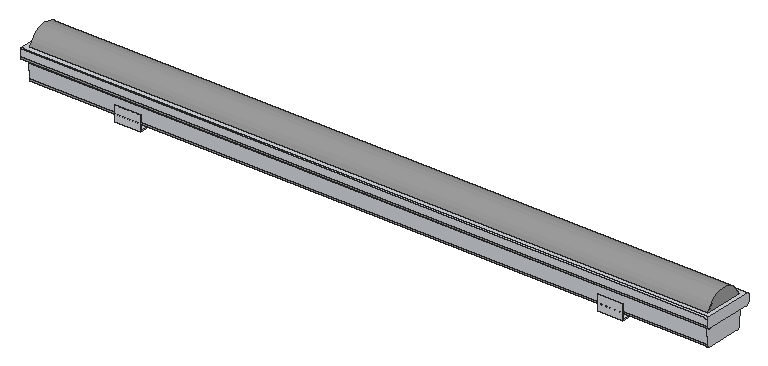
Revit family "0010221", category Lighting Fixtures, host Face, Revit 2018
Family settings
  Host = Face
  Round Connector Dimension = Use Diameter
  Part Type = Normal
  OmniClass Number = 23.80.70.00
  OmniClass Title = Lighting
  Cut with Voids When Loaded = No
  Light Source = Yes
  Shared = No
  Room Calculation Point = No
Parameters (values of type "0010221 RESISTO 1200 IP66 MW 4800LM 840")
  Weight = "1.59 kg"
  Wattage Comments = ""
  Wattage = 35 W
  WarrantyStartDate [instance] = "n/a"
  WarrantyGuarantorParts = "n/a"
  WarrantyDurationUnit = "n/a"
  WarrantyDurationParts = "n/a"
  WarrantyDescription = "n/a"
  WIDTH_SYL = 44.5 mm
  built-in parameter 1150110 = 1 (stored number, unit not read)
  Voltage = 0 V
  URL = "http://www.sylvania-lighting.com"
  TypeName = "Resisto  1200 IP66 MW 4800lm 840"
  Type Image = <None>
  Type Comments = "n/a"
  built-in parameter 1114217 = 1 (stored number, unit not read)
  Tilt Angle = -90.00°
  built-in parameter 1150109 = 1 (stored number, unit not read)
  built-in parameter 1150134 = 12
  TOP_WIDTH_SYL = 33.5 mm
  built-in parameter 1150113 = 1 (stored number, unit not read)
  SerialNumber [instance] = "n/a"
  Photometric Web File = "0010221.IES"
  Material_3_SYL = none
  PowerFactor = 0.95
  PowerConsumption = "35 W"
  NominalLength = 1200 mm
  NominalHeight = 80 mm
  NominalDepth = 87 mm
  Name = "Resisto  1200 IP66 MW 4800lm 840"
  ModelReference = Name  # "Resisto  1200 IP66 MW 4800lm 840"
  ModelNumber = "0010221"
  Model = Name  # "Resisto  1200 IP66 MW 4800lm 840"
  Material = "pc polycarbonate housing, pc polycarbonate diffuser"
  ManufacturerName = "Feilo Sylvania"
  Manufacturer = "Feilo Sylvania"
  MID_WIDTH_SYL = 36 mm
  LuminousEfficacy = "137 lm/W"
  built-in parameter 1150105 = 1583.6 (stored number, unit not read)
  Lumens = 4795 lm
  LuminaireType = ""
  built-in parameter 1150115 = 1 (stored number, unit not read)
  LightOutputRatio = "n/a"
  built-in parameter 1150137 = (empty or 0)
  built-in parameter 1150139 = (empty or 0)
  LampsType = Lamp  # "LED"
  LampNominalLuminous = "4800 lm"
  LampMacAdamStep = "5"
  LampColourTemperature = "4000 K"
  LampColourRenderingIndex = "80"
  built-in parameter 1150112 = 1 (stored number, unit not read)
  built-in parameter 1150114 = 1 (stored number, unit not read)
  Lamp = "LED"
  LENGHT_SYL = if(L1500_SYL, 742 mm, if(L1200_SYL, 592 mm, 317 mm))  # 592 mm
  LENGHT_CHAMFER_SYL = if(L1500_SYL, 750 mm, if(L1200_SYL, 600 mm, 325 mm))  # 600 mm
  LENGHT_650_SYL = 325 mm
  LENGHT-_SYL = if(L1500_SYL, -742 mm, if(L1200_SYL, -592 mm, -317 mm))  # -592 mm
  LENGHT-_CHAMFER_SYL = if(L1500_SYL, -750 mm, if(L1200_SYL, -600 mm, -325 mm))  # -600 mm
  LEGHT_650-_SYL = -325 mm
  LEGHT_1500_SYL = 750 mm
  LEGHT_1500-_SYL = -750 mm
  LEGHT_1200_SYL = 600 mm
  LEGHT_1200-_SYL = -600 mm
  L0650_SYL = no
  L1500_SYL = no
  L1200_SYL = yes
  Keynote = "16500"
  InstallationDate [instance] = "n/a"
  InputVoltage = "n/a"
  InputNominalFrequency = "n/a"
  built-in parameter 1150132 = (empty or 0)
  built-in parameter 1150102 = (empty or 0)
  built-in parameter 1150107 = 4000 (stored number, unit not read)
  built-in parameter 1150138 = (empty or 0)
  IngressProtection = "IP66"
  ImpactProtectionIndex = "IK08"
  built-in parameter 1150106 = 15.836 (stored number, unit not read)
  IfcExportType = "IfcLightFixtureType"
  IfcExportAs = "IfcLightFixtureType"
  Emit from Circle Diameter = 609.6 mm
  Emit Shape Visible in Rendering = no
  ElectricShockClassification = "Class I"
  built-in parameter 1150104 = 12.728 (stored number, unit not read)
  DocumentationLiterature = "http://www.sylvania-lighting.com/product/en-int/products/0010221"
  DimmingControlOptions = "n/a"
  Material_2_SYL = none
  Dimming Lamp Color Temperature Shift = <None>
  Description = "Resisto, integrated LED weatherproof luminaire, with UV stabilized flat diffuser designed to achieve uniform lit appearance, optimise light output and to reduce glare. 301 stainless steel diffuser clips and fixing brackets for surface mounting. Polycarbonate housing and diffuser - no yellow discolouration over time. 4800lm; 35W; 137lm/W; 4000K; SDCM<5; non dimmable; CRI80; IP66; IK08; Class I; 69,000hrs (L80B20) lifespan; 1200mm x 89mm x 88mm; D-mark; MW On/Off."
  Default Elevation = 1219.2 mm
  DIF_WIDHT_SYL = 35 mm
  DIF_HEIGHT_SYL = 24 mm
  CreatedOn = "3/10/2021"
  CreatedBy = "@sylvania-lighting.com"
  Cost = 0
  Color Filter = 16777215
  built-in parameter 1114216 [instance] = (empty or 0)
  ClassificationValue = "EF_70_80"
  ClassificationName = "Uniclass2015"
  Material_1_SYL = Default
  CHAMFER_SYL = 19 mm
  BarCode [instance] = "n/a"
  built-in parameter 1114218 = 1 (stored number, unit not read)
  BRACKET_WIDTH_SYL = BRACKET_DIST_SYL - 44 mm  # 400 mm
  BRACKET_HEIGHT_SYL = 9 mm
  BRACKET_DIST_SYL = LENGHT_CHAMFER_SYL - 156 mm  # 444 mm
  BODY_SYL = 36 mm
  built-in parameter 1150133 = 10 (stored number, unit not read)
  AssetType = "Fixed"
  AssetIdentifier [instance] = "n/a"
  Assembly Code = "D5020200"
  Apparent Load = 35 VA
  Material_4_SYL = none
Reference planes
  plane 1 "Center (Front/Back)": y = 0
  plane 2: z = 0
  plane 3 "Center (Left/Right)": x = 0
  plane 4: z = 9
  plane 5: z = 45
  plane 6: z = 64
  plane 7: z = 88
  plane 8: y = -44.5
  plane 9: y = 44.5
  plane 10: y = -35
  plane 11: y = 35
  plane 12: y = 33.5
  plane 13: y = -33.5
  plane 14: y = -36
  plane 15: y = 36
  plane 16: z = 1
Forms (mm)
  Extrusion 1, solid
    sketch origin (319, 1524, 1219.2) x (0, 1, 0) y (0, 0, 1)
      loop
        line (-1552.835, -1210.2) -> (-1495.165, -1210.2)
        arc (-1495.165, -1210.2) -> (-1491.754, -1208.856) -> (-1490.177, -1205.546) r 5
        line (-1490.177, -1205.546) -> (-1488.323, -1178.854) -> (-1488, -1174.2) -> (-1560, -1174.2) -> (-1559.677, -1178.854) -> (-1557.823, -1205.546)
        arc (-1557.823, -1205.546) -> (-1556.246, -1208.856) -> (-1552.835, -1210.2) r 5
    from -592 <- "LENGHT-_SYL" to 592 <- "LENGHT_SYL"
  Extrusion 2, solid, material "Default" <- "Material_1_SYL"
    sketch origin (319, 1524, 1219.2) x (0, 1, 0) y (0, 0, 1)
      loop
        arc (-1490.5, -1155.2) -> (-1524, -1131.2) -> (-1557.5, -1155.2) r 35.38
        line (-1557.5, -1155.2) -> (-1490.5, -1155.2)
    from -592 <- "LENGHT-_SYL" to 592 <- "LENGHT_SYL"
  Extrusion 3, solid
    sketch origin (319, 1524, 1219.2) x (0, 1, 0) y (0, 0, 1)
      loop
        line (-1481.5, -1155.2) -> (-1566.5, -1155.2)
        arc (-1566.5, -1155.2) -> (-1567.914, -1155.786) -> (-1568.5, -1157.2) r 2
        line (-1568.5, -1157.2) -> (-1568.5, -1169.2)
        arc (-1568.5, -1169.2) -> (-1567.036, -1172.736) -> (-1563.5, -1174.2) r 5
        line (-1563.5, -1174.2) -> (-1484.5, -1174.2)
        arc (-1484.5, -1174.2) -> (-1480.964, -1172.736) -> (-1479.5, -1169.2) r 5
        line (-1479.5, -1169.2) -> (-1479.5, -1157.2)
        arc (-1479.5, -1157.2) -> (-1480.086, -1155.786) -> (-1481.5, -1155.2) r 2
    from -600 <- "LENGHT-_CHAMFER_SYL" to 600 <- "LENGHT_CHAMFER_SYL"
  Extrusion 4, solid
    sketch origin (319, 1524, 1219.2) x (0, 1, 0) y (0, 0, 1)
      loop
        line (-1489, -1219.2) -> (-1489, -1192.216) -> (-1490.5, -1192.216) -> (-1490.5, -1218.2) -> (-1557.5, -1218.2) -> (-1557.5, -1192.172) -> (-1559, -1192.172) -> (-1559, -1219.2) -> (-1489, -1219.2)
    from 400 <- "BRACKET_WIDTH_SYL" to 444 <- "BRACKET_DIST_SYL"
  Extrusion 5, solid
    sketch origin (321, 1524, 1219.2) x (0, 1, 0) y (0, 0, -1)
      loop
        line (-1489, 1219.2) -> (-1559, 1219.2) -> (-1559, 1192.172) -> (-1557.5, 1192.172) -> (-1557.5, 1218.2) -> (-1490.5, 1218.2) -> (-1490.5, 1192.216) -> (-1489, 1192.216) -> (-1489, 1219.2)
    from 400 <- "BRACKET_WIDTH_SYL" to 444 <- "BRACKET_DIST_SYL"
Dimensions and locks
  "BRACKET_HEIGHT_SYL": plane 4 to host face
  "BODY_SYL": plane 4 to plane 5
  "CHAMFER_SYL": plane 5 to plane 6
  "DIF_HEIGHT_SYL": plane 6 to plane 7
  "WIDTH_SYL": plane 9 to plane 1 "Center (Front/Back)" to plane 8
  "DIF_WIDHT_SYL": plane 11 to plane 1 "Center (Front/Back)" to plane 10
  "TOP_WIDTH_SYL": plane 12 to plane 1 "Center (Front/Back)" to plane 13
  "MID_WIDTH_SYL": plane 15 to plane 1 "Center (Front/Back)" to plane 14
  aligned and locked: plane 2 to host face
  aligned and locked: level to host face
  aligned and locked: Extrusion 3 sketch curve to plane 6
  aligned and locked: Extrusion 3 sketch curve to plane 9
  aligned and locked: plane 5 to Extrusion 3 sketch curve
  aligned and locked: plane 8 to Extrusion 3 sketch curve
Automatic sketch dimensions
  host sketch curve to host sketch curve = 2438.4 mm  (x2)
  plane 5 to Extrusion 1 sketch curve = 0 mm
  Extrusion 1 sketch curve to plane 14 = 0 mm
  plane 4 to Extrusion 1 sketch curve = 0 mm
  Extrusion 1 sketch curve to plane 15 = 0 mm
  Extrusion 1 sketch curve to plane 14 = 0.323 mm
  plane 13 to Extrusion 1 sketch curve = 0.323 mm
  Extrusion 1 sketch curve to plane 13 = 4.665 mm
  plane 12 to Extrusion 1 sketch curve = 4.665 mm
  Extrusion 1 sketch curve to plane 12 = 0.323 mm
  plane 15 to Extrusion 1 sketch curve = 0.323 mm
  Extrusion 1 sketch curve to plane 4 = 4.654 mm  (x2)
  plane 5 to Extrusion 1 sketch curve = 4.654 mm  (x2)
  plane 6 to Extrusion 2 sketch curve = 0 mm
  Extrusion 2 sketch curve to plane 13 = 0 mm
  Extrusion 2 sketch curve to plane 1 "Center (Front/Back)" = 0 mm
  Extrusion 2 sketch curve to plane 5 = 7.62 mm
  Extrusion 3 sketch curve to plane 8 = 2 mm
  plane 14 to Extrusion 3 sketch curve = 3.5 mm
  Extrusion 3 sketch curve to plane 15 = 3.5 mm
  plane 6 to Extrusion 3 sketch curve = 2 mm
  Extrusion 4 sketch curve to level = 0 mm
  Extrusion 4 sketch curve to plane 10 = 0 mm
  Extrusion 4 sketch curve to plane 13 = 0 mm
  Extrusion 4 sketch curve to plane 12 = 0 mm
  Extrusion 4 sketch curve to plane 11 = 0 mm
  plane 16 to Extrusion 4 sketch curve = 0 mm
  Extrusion 4 sketch curve to plane 4 = 17.984 mm
  plane 5 to Extrusion 4 sketch curve = 17.972 mm
  Extrusion 5 sketch curve to level = 0 mm
  Extrusion 5 sketch curve to plane 10 = 0 mm
  Extrusion 5 sketch curve to plane 13 = 0 mm
  Extrusion 5 sketch curve to plane 12 = 0 mm
  Extrusion 5 sketch curve to plane 11 = 0 mm
  plane 16 to Extrusion 5 sketch curve = 0 mm
  Extrusion 5 sketch curve to plane 4 = 17.984 mm
  plane 5 to Extrusion 5 sketch curve = 17.972 mm
Connectors
  electrical at (-273, 0, 27)
    settings: on Extrusion 1, index 1, voltage 0 V, apparent load 0 VA, apparent load phase1 0 VA, apparent load phase2 0 VA, apparent load phase3 0 VA, power factor 1, load classification "Other", number of poles 1, system type 31, power factor state 1, is connector primary yes, connector utility no, sub classification motor no, connector description ""
Types (60, lengths in mm): name | Weight | Wattage | TypeName | built-in parameter 1150134 | Photometric Web File | PowerFactor | PowerConsumption | NominalLength | Name | ModelReference | ModelNumber | Model | LuminousEfficacy | built-in parameter 1150105 | Lumens | LampNominalLuminous | LampMacAdamStep | LampColourTemperature | LENGHT_SYL | LENGHT_CHAMFER_SYL | LENGHT-_SYL | LENGHT-_CHAMFER_SYL | L0650_SYL | L1500_SYL | L1200_SYL | built-in parameter 1150107 | built-in parameter 1150106 | built-in parameter 1150104 | DocumentationLiterature | Description | BRACKET_WIDTH_SYL | BRACKET_DIST_SYL | Apparent Load
  0010278 RESISTO 1500 HE IP66 8300LM 840 | "1.95 kg" | 54 W | "Resisto 1500 HE IP66 8300lm 840" | 12 | "0010278.ies" | 0.95 | "54 W" | 1500 | "Resisto 1500 HE IP66 8300lm 840" | "Resisto 1500 HE IP66 8300lm 840" | "0010278" | "Resisto 1500 HE IP66 8300lm 840" | "154 lm/W" | 2674.3 (stored number, unit not read) | 8316 lm | "8300 lm" | "3" | "4000 K" | 742 | 750 | -742 | -750 | no | yes | no | 4000 (stored number, unit not read) | 26.743 (stored number, unit not read) | 14.307 (stored number, unit not read) | "http://www.sylvania-lighting.com/product/en-int/products/0010278" | "Resisto, integrated LED weatherproof luminaire, with UV stabilized flat diffuser designed to achieve uniform lit appearance, optimise light output and to reduce glare. 301 stainless steel diffuser clips and fixing brackets for surface mounting. Polycarbonate housing and diffuser - no yellow discolouration over time. 8300lm; 54W; 154lm/W; 4000K; SDCM<3; non dimmable; CRI80; IP66; IK08; Class I; 69,000hrs (L80B20) lifespan; 1500mm x 89mm x 88mm; D-mark." | 550 | 594 | 54 VA
  0010274 RESISTO 1500 HE IP66 DALI 7100LM 840 | "2.01 kg" | 46 W | "Resisto 1500 HE IP66 DALI 7100lm 840" | 12 | "0010274.ies" | 0.98 | "46 W" | 1500 | "Resisto 1500 HE IP66 DALI 7100lm 840" | "Resisto 1500 HE IP66 DALI 7100lm 840" | "0010274" | "Resisto 1500 HE IP66 DALI 7100lm 840" | "154 lm/W" | 2362.2 (stored number, unit not read) | 7084 lm | "7100 lm" | "3" | "4000 K" | 742 | 750 | -742 | -750 | no | yes | no | 4000 (stored number, unit not read) | 23.622 (stored number, unit not read) | 14.307 (stored number, unit not read) | "http://www.sylvania-lighting.com/product/en-int/products/0010274" | "Resisto, integrated LED weatherproof luminaire, with UV stabilized flat diffuser designed to achieve uniform lit appearance, optimise light output and to reduce glare. 301 stainless steel diffuser clips and fixing brackets for surface mounting. Polycarbonate housing and diffuser - no yellow discolouration over time. 7100lm; 46W; 154lm/W; 4000K; SDCM<3; DALI dimmable; CRI80; IP66; IK08; Class I; 69,000hrs (L80B20) lifespan; 1500mm x 89mm x 88mm; D-mark." | 550 | 594 | 46 VA
  0010273 RESISTO 1500 HE IP66 DALI 4000LM 840 | "1.95 kg" | 25 W | "Resisto 1500 HE IP66 DALI 4000lm 840" | 12 | "0010273.ies" | 0.98 | "25 W" | 1500 | "Resisto 1500 HE IP66 DALI 4000lm 840" | "Resisto 1500 HE IP66 DALI 4000lm 840" | "0010273" | "Resisto 1500 HE IP66 DALI 4000lm 840" | "160 lm/W" | 1286.3 (stored number, unit not read) | 4000 lm | "4000 lm" | "3" | "4000 K" | 742 | 750 | -742 | -750 | no | yes | no | 4000 (stored number, unit not read) | 12.863 (stored number, unit not read) | 14.864 (stored number, unit not read) | "http://www.sylvania-lighting.com/product/en-int/products/0010273" | "Resisto, integrated LED weatherproof luminaire, with UV stabilized flat diffuser designed to achieve uniform lit appearance, optimise light output and to reduce glare. 301 stainless steel diffuser clips and fixing brackets for surface mounting. Polycarbonate housing and diffuser - no yellow discolouration over time. 4000lm; 25W; 160lm/W; 4000K; SDCM<3; DALI dimmable; CRI80; IP66; IK08; Class I; 69,000hrs (L80B20) lifespan; 1500mm x 89mm x 88mm; D-mark." | 550 | 594 | 25 VA
  0010272 RESISTO 1500 HE IP66 7100LM 840 EM | "2.58 kg" | 50 W | "Resisto 1500 HE IP66 7100lm 840 EM" | 12 | "0010272.ies" | 0.95 | "50 W" | 1500 | "Resisto 1500 HE IP66 7100lm 840 EM" | "Resisto 1500 HE IP66 7100lm 840 EM" | "0010272" | "Resisto 1500 HE IP66 7100lm 840 EM" | "142 lm/W" | 2367.5 (stored number, unit not read) | 7100 lm | "7100 lm" | "3" | "4000 K" | 742 | 750 | -742 | -750 | no | yes | no | 4000 (stored number, unit not read) | 23.675 (stored number, unit not read) | 13.192 (stored number, unit not read) | "http://www.sylvania-lighting.com/product/en-int/products/0010272" | "Resisto, integrated LED weatherproof luminaire, with UV stabilized flat diffuser designed to achieve uniform lit appearance, optimise light output and to reduce glare. 301 stainless steel diffuser clips and fixing brackets for surface mounting. Polycarbonate housing and diffuser - no yellow discolouration over time. 7100lm; 50W; 142lm/W; 4000K; SDCM<3; non dimmable; CRI80; IP66; IK08; Class I; 69,000hrs (L80B20) lifespan; 1500mm x 89mm x 88mm; D-mark; 3-hour maintained emergency batteries." | 550 | 594 | 50 VA
  0010271 RESISTO 1500 HE IP66 4000LM 840 EM | "2.51 kg" | 29 W | "Resisto 1500 HE IP66 4000lm 840 EM" | 12 | "0010271.ies" | 0.95 | "29 W" | 1500 | "Resisto 1500 HE IP66 4000lm 840 EM" | "Resisto 1500 HE IP66 4000lm 840 EM" | "0010271" | "Resisto 1500 HE IP66 4000lm 840 EM" | "138 lm/W" | 1287 (stored number, unit not read) | 4002 lm | "4000 lm" | "3" | "4000 K" | 742 | 750 | -742 | -750 | no | yes | no | 4000 (stored number, unit not read) | 12.87 (stored number, unit not read) | 12.821 (stored number, unit not read) | "http://www.sylvania-lighting.com/product/en-int/products/0010271" | "Resisto, integrated LED weatherproof luminaire, with UV stabilized flat diffuser designed to achieve uniform lit appearance, optimise light output and to reduce glare. 301 stainless steel diffuser clips and fixing brackets for surface mounting. Polycarbonate housing and diffuser - no yellow discolouration over time. 4000lm; 29W; 138lm/W; 4000K; SDCM<3; non dimmable; CRI80; IP66; IK08; Class I; 69,000hrs (L80B20) lifespan; 1500mm x 89mm x 88mm; D-mark; 3-hour maintained emergency batteries." | 550 | 594 | 29 VA
  0010269 RESISTO 1500 HE IP66 7100LM 840 | "1.95 kg" | 46 W | "Resisto  1500 HE IP66 7100lm 840" | 12 | "0010269.ies" | 0.95 | "46 W" | 1500 | "Resisto  1500 HE IP66 7100lm 840" | "Resisto  1500 HE IP66 7100lm 840" | "0010269" | "Resisto  1500 HE IP66 7100lm 840" | "154 lm/W" | 2362.2 (stored number, unit not read) | 7084 lm | "7100 lm" | "3" | "4000 K" | 742 | 750 | -742 | -750 | no | yes | no | 4000 (stored number, unit not read) | 23.622 (stored number, unit not read) | 14.307 (stored number, unit not read) | "http://www.sylvania-lighting.com/product/en-int/products/0010269" | "Resisto, integrated LED weatherproof luminaire, with UV stabilized flat diffuser designed to achieve uniform lit appearance, optimise light output and to reduce glare. 301 stainless steel diffuser clips and fixing brackets for surface mounting. Polycarbonate housing and diffuser - no yellow discolouration over time. 7100lm; 46W; 154lm/W; 4000K; SDCM<3; non dimmable; CRI80; IP66; IK08; Class I; 69,000hrs (L80B20) lifespan; 1500mm x 89mm x 88mm; D-mark." | 550 | 594 | 46 VA
  0010268 RESISTO 1500 HE IP66 4000LM 840 | "1.87 kg" | 25 W | "Resisto  1500 HE IP66 4000lm 840" | 12 | "0010268.ies" | 0.95 | "25 W" | 1500 | "Resisto  1500 HE IP66 4000lm 840" | "Resisto  1500 HE IP66 4000lm 840" | "0010268" | "Resisto  1500 HE IP66 4000lm 840" | "160 lm/W" | 1286.3 (stored number, unit not read) | 4000 lm | "4000 lm" | "3" | "4000 K" | 742 | 750 | -742 | -750 | no | yes | no | 4000 (stored number, unit not read) | 12.863 (stored number, unit not read) | 14.864 (stored number, unit not read) | "http://www.sylvania-lighting.com/product/en-int/products/0010268" | "Resisto, integrated LED weatherproof luminaire, with UV stabilized flat diffuser designed to achieve uniform lit appearance, optimise light output and to reduce glare. 301 stainless steel diffuser clips and fixing brackets for surface mounting. Polycarbonate housing and diffuser - no yellow discolouration over time. 4000lm; 25W; 160lm/W; 4000K; SDCM<3; non dimmable; CRI80; IP66; IK08; Class I; 69,000hrs (L80B20) lifespan; 1500mm x 89mm x 88mm; D-mark." | 550 | 594 | 25 VA
  0010261 RESISTO 1500 IP66 DALI 8300LM 840 | "2.01 kg" | 61 W | "Resisto  1500 IP66 DALI 8300lm 840" | 12 | "0010261.ies" | 0.99 | "61 W" | 1500 | "Resisto  1500 IP66 DALI 8300lm 840" | "Resisto  1500 IP66 DALI 8300lm 840" | "0010261" | "Resisto  1500 IP66 DALI 8300lm 840" | "136 lm/W" | 2792.8 (stored number, unit not read) | 8296 lm | "8300 lm" | "5" | "4000 K" | 742 | 750 | -742 | -750 | no | yes | no | 4000 (stored number, unit not read) | 27.928 (stored number, unit not read) | 12.635 (stored number, unit not read) | "http://www.sylvania-lighting.com/product/en-int/products/0010261" | "Resisto, integrated LED weatherproof luminaire, with UV stabilized flat diffuser designed to achieve uniform lit appearance, optimise light output and to reduce glare. 301 stainless steel diffuser clips and fixing brackets for surface mounting. Polycarbonate housing and diffuser - no yellow discolouration over time. 8300lm; 61W; 136lm/W; 4000K; SDCM<5; DALI dimmable; CRI80; IP66; IK08; Class I; 69,000hrs (L80B20) lifespan; 1500mm x 89mm x 88mm; D-mark." | 550 | 594 | 61 VA
  0010260 RESISTO 1500 IP66 DALI 7100LM 840 | "2.01 kg" | 52 W | "Resisto  1500 IP66 DALI 7100lm 840" | 12 | "0010260.ies" | 0.99 | "52 W" | 1500 | "Resisto  1500 IP66 DALI 7100lm 840" | "Resisto  1500 IP66 DALI 7100lm 840" | "0010260" | "Resisto  1500 IP66 DALI 7100lm 840" | "137 lm/W" | 2375.5 (stored number, unit not read) | 7124 lm | "7100 lm" | "5" | "4000 K" | 742 | 750 | -742 | -750 | no | yes | no | 4000 (stored number, unit not read) | 23.755 (stored number, unit not read) | 12.728 (stored number, unit not read) | "http://www.sylvania-lighting.com/product/en-int/products/0010260" | "Resisto, integrated LED weatherproof luminaire, with UV stabilized flat diffuser designed to achieve uniform lit appearance, optimise light output and to reduce glare. 301 stainless steel diffuser clips and fixing brackets for surface mounting. Polycarbonate housing and diffuser - no yellow discolouration over time. 7100lm; 52W; 137lm/W; 4000K; SDCM<5; DALI dimmable; CRI80; IP66; IK08; Class I; 69,000hrs (L80B20) lifespan; 1500mm x 89mm x 88mm; D-mark." | 550 | 594 | 52 VA
  0010259 RESISTO 1500 IP66 DALI 4000LM 840 | "1.95 kg" | 30 W | "Resisto  1500 IP66 DALI 4000lm 840" | 12 | "0010259.ies" | 0.98 | "30 W" | 1500 | "Resisto  1500 IP66 DALI 4000lm 840" | "Resisto  1500 IP66 DALI 4000lm 840" | "0010259" | "Resisto  1500 IP66 DALI 4000lm 840" | "133 lm/W" | 1283.1 (stored number, unit not read) | 3990 lm | "4000 lm" | "5" | "4000 K" | 742 | 750 | -742 | -750 | no | yes | no | 4000 (stored number, unit not read) | 12.831 (stored number, unit not read) | 12.356 (stored number, unit not read) | "http://www.sylvania-lighting.com/product/en-int/products/0010259" | "Resisto, integrated LED weatherproof luminaire, with UV stabilized flat diffuser designed to achieve uniform lit appearance, optimise light output and to reduce glare. 301 stainless steel diffuser clips and fixing brackets for surface mounting. Polycarbonate housing and diffuser - no yellow discolouration over time. 4000lm; 30W; 133lm/W; 4000K; SDCM<5; DALI dimmable; CRI80; IP66; IK08; Class I; 69,000hrs (L80B20) lifespan; 1500mm x 89mm x 88mm; D-mark." | 550 | 594 | 30 VA
  0010258 RESISTO 1500 IP66 MWCOR 7100LM 840 | "2.06 kg" | 52 W | "Resisto  1500 IP66 MWcor 7100lm 840" | 12 | "0010258.ies" | 0.99 | "52 W" | 1500 | "Resisto  1500 IP66 MWcor 7100lm 840" | "Resisto  1500 IP66 MWcor 7100lm 840" | "0010258" | "Resisto  1500 IP66 MWcor 7100lm 840" | "137 lm/W" | 2375.5 (stored number, unit not read) | 7124 lm | "7100 lm" | "5" | "4000 K" | 742 | 750 | -742 | -750 | no | yes | no | 4000 (stored number, unit not read) | 23.755 (stored number, unit not read) | 12.728 (stored number, unit not read) | "http://www.sylvania-lighting.com/product/en-int/products/0010258" | "Resisto, integrated LED weatherproof luminaire, with UV stabilized flat diffuser designed to achieve uniform lit appearance, optimise light output and to reduce glare. 301 stainless steel diffuser clips and fixing brackets for surface mounting. Polycarbonate housing and diffuser - no yellow discolouration over time. 7100lm; 52W; 137lm/W; 4000K; SDCM<5; non dimmable; CRI80; IP66; IK08; Class I; 69,000hrs (L80B20) lifespan; 1500mm x 89mm x 88mm; D-mark; corridor function with microwave presence sensor." | 550 | 594 | 52 VA
  0010257 RESISTO 1500 IP66 MWCOR 4000LM 840 | "2.0 kg" | 30 W | "Resisto  1500 IP66 MWcor 4000lm 840" | 12 | "0010257.ies" | 0.98 | "30 W" | 1500 | "Resisto  1500 IP66 MWcor 4000lm 840" | "Resisto  1500 IP66 MWcor 4000lm 840" | "0010257" | "Resisto  1500 IP66 MWcor 4000lm 840" | "133 lm/W" | 1283.1 (stored number, unit not read) | 3990 lm | "4000 lm" | "5" | "4000 K" | 742 | 750 | -742 | -750 | no | yes | no | 4000 (stored number, unit not read) | 12.831 (stored number, unit not read) | 12.356 (stored number, unit not read) | "http://www.sylvania-lighting.com/product/en-int/products/0010257" | "Resisto, integrated LED weatherproof luminaire, with UV stabilized flat diffuser designed to achieve uniform lit appearance, optimise light output and to reduce glare. 301 stainless steel diffuser clips and fixing brackets for surface mounting. Polycarbonate housing and diffuser - no yellow discolouration over time. 4000lm; 30W; 133lm/W; 4000K; SDCM<5; non dimmable; CRI80; IP66; IK08; Class I; 69,000hrs (L80B20) lifespan; 1500mm x 89mm x 88mm; D-mark; corridor function with microwave presence sensor." | 550 | 594 | 30 VA
  0010256 RESISTO 1500 IP66 MW 7100LM 840 | "2.0 kg" | 52 W | "Resisto  1500 IP66 MW 7100lm 840" | 12 | "0010256.ies" | 0.95 | "52 W" | 1500 | "Resisto  1500 IP66 MW 7100lm 840" | "Resisto  1500 IP66 MW 7100lm 840" | "0010256" | "Resisto  1500 IP66 MW 7100lm 840" | "137 lm/W" | 2375.5 (stored number, unit not read) | 7124 lm | "7100 lm" | "5" | "4000 K" | 742 | 750 | -742 | -750 | no | yes | no | 4000 (stored number, unit not read) | 23.755 (stored number, unit not read) | 12.728 (stored number, unit not read) | "http://www.sylvania-lighting.com/product/en-int/products/0010256" | "Resisto, integrated LED weatherproof luminaire, with UV stabilized flat diffuser designed to achieve uniform lit appearance, optimise light output and to reduce glare. 301 stainless steel diffuser clips and fixing brackets for surface mounting. Polycarbonate housing and diffuser - no yellow discolouration over time. 7100lm; 52W; 137lm/W; 4000K; SDCM<5; non dimmable; CRI80; IP66; IK08; Class I; 69,000hrs (L80B20) lifespan; 1500mm x 89mm x 88mm; D-mark; MW On/Off." | 550 | 594 | 52 VA
  0010255 RESISTO 1500 IP66 MW 4000LM 840 | "1.92 kg" | 30 W | "Resisto  1500 IP66 MW 4000lm 840" | 12 | "0010255.ies" | 0.95 | "30 W" | 1500 | "Resisto  1500 IP66 MW 4000lm 840" | "Resisto  1500 IP66 MW 4000lm 840" | "0010255" | "Resisto  1500 IP66 MW 4000lm 840" | "133 lm/W" | 1283.1 (stored number, unit not read) | 3990 lm | "4000 lm" | "5" | "4000 K" | 742 | 750 | -742 | -750 | no | yes | no | 4000 (stored number, unit not read) | 12.831 (stored number, unit not read) | 12.356 (stored number, unit not read) | "http://www.sylvania-lighting.com/product/en-int/products/0010255" | "Resisto, integrated LED weatherproof luminaire, with UV stabilized flat diffuser designed to achieve uniform lit appearance, optimise light output and to reduce glare. 301 stainless steel diffuser clips and fixing brackets for surface mounting. Polycarbonate housing and diffuser - no yellow discolouration over time. 4000lm; 30W; 133lm/W; 4000K; SDCM<5; non dimmable; CRI80; IP66; IK08; Class I; 69,000hrs (L80B20) lifespan; 1500mm x 89mm x 88mm; D-mark; MW On/Off." | 550 | 594 | 30 VA
  0010254 RESISTO 1500 IP66 7100LM 840 EM | "2.59 kg" | 56 W | "Resisto  1500 IP66 7100lm 840 EM" | 12 | "0010254.ies" | 0.95 | "56 W" | 1500 | "Resisto  1500 IP66 7100lm 840 EM" | "Resisto  1500 IP66 7100lm 840 EM" | "0010254" | "Resisto  1500 IP66 7100lm 840 EM" | "127 lm/W" | 2371.5 (stored number, unit not read) | 7112 lm | "7100 lm" | "5" | "4000 K" | 742 | 750 | -742 | -750 | no | yes | no | 4000 (stored number, unit not read) | 23.715 (stored number, unit not read) | 11.799 (stored number, unit not read) | "http://www.sylvania-lighting.com/product/en-int/products/0010254" | "Resisto, integrated LED weatherproof luminaire, with UV stabilized flat diffuser designed to achieve uniform lit appearance, optimise light output and to reduce glare. 301 stainless steel diffuser clips and fixing brackets for surface mounting. Polycarbonate housing and diffuser - no yellow discolouration over time. 7100lm; 56W; 127lm/W; 4000K; SDCM<5; non dimmable; CRI80; IP66; IK08; Class I; 69,000hrs (L80B20) lifespan; 1500mm x 89mm x 88mm; D-mark; 3-hour maintained emergency batteries." | 550 | 594 | 56 VA
  0010253 RESISTO 1500 IP66 4000LM 840 EM | "2.5 kg" | 34 W | "Resisto  1500 IP66 4000lm 840 EM" | 12 | "0010253.ies" | 0.95 | "34 W" | 1500 | "Resisto  1500 IP66 4000lm 840 EM" | "Resisto  1500 IP66 4000lm 840 EM" | "0010253" | "Resisto  1500 IP66 4000lm 840 EM" | "118 lm/W" | 1290.2 (stored number, unit not read) | 4012 lm | "4000 lm" | "5" | "4000 K" | 742 | 750 | -742 | -750 | no | yes | no | 4000 (stored number, unit not read) | 12.902 (stored number, unit not read) | 10.963 (stored number, unit not read) | "http://www.sylvania-lighting.com/product/en-int/products/0010253" | "Resisto, integrated LED weatherproof luminaire, with UV stabilized flat diffuser designed to achieve uniform lit appearance, optimise light output and to reduce glare. 301 stainless steel diffuser clips and fixing brackets for surface mounting. Polycarbonate housing and diffuser - no yellow discolouration over time. 4000lm; 34W; 118lm/W; 4000K; SDCM<5; non dimmable; CRI80; IP66; IK08; Class I; 69,000hrs (L80B20) lifespan; 1500mm x 89mm x 88mm; D-mark; 3-hour maintained emergency batteries." | 550 | 594 | 34 VA
  0010252 RESISTO 1500 IP66 7100LM 840 5XTH | "2.18 kg" | 52 W | "Resisto 1500 IP66 7100lm 840 5xTH" | 12 | "0010252.ies" | 0.95 | "52 W" | 1500 | "Resisto 1500 IP66 7100lm 840 5xTH" | "Resisto 1500 IP66 7100lm 840 5xTH" | "0010252" | "Resisto 1500 IP66 7100lm 840 5xTH" | "137 lm/W" | 2375.5 (stored number, unit not read) | 7124 lm | "7100 lm" | "5" | "4000 K" | 742 | 750 | -742 | -750 | no | yes | no | 4000 (stored number, unit not read) | 23.755 (stored number, unit not read) | 12.728 (stored number, unit not read) | "http://www.sylvania-lighting.com/product/en-int/products/0010252" | "Resisto, integrated LED weatherproof luminaire, with UV stabilized flat diffuser designed to achieve uniform lit appearance, optimise light output and to reduce glare. 301 stainless steel diffuser clips and fixing brackets for surface mounting. Polycarbonate housing and diffuser - no yellow discolouration over time. 7100lm; 52W; 137lm/W; 4000K; SDCM<5; non dimmable; CRI80; IP66; IK08; Class I; 69,000hrs (L80B20) lifespan; 1500mm x 89mm x 88mm; D-mark; through wiring." | 550 | 594 | 52 VA
  0010251 RESISTO 1500 IP66 4000LM 840 5XTH | "2.1 kg" | 30 W | "Resisto 1500 IP66 4000lm 840 5xTH" | 12 | "0010251.ies" | 0.95 | "30 W" | 1500 | "Resisto 1500 IP66 4000lm 840 5xTH" | "Resisto 1500 IP66 4000lm 840 5xTH" | "0010251" | "Resisto 1500 IP66 4000lm 840 5xTH" | "133 lm/W" | 1283.1 (stored number, unit not read) | 3990 lm | "4000 lm" | "5" | "4000 K" | 742 | 750 | -742 | -750 | no | yes | no | 4000 (stored number, unit not read) | 12.831 (stored number, unit not read) | 12.356 (stored number, unit not read) | "http://www.sylvania-lighting.com/product/en-int/products/0010251" | "Resisto, integrated LED weatherproof luminaire, with UV stabilized flat diffuser designed to achieve uniform lit appearance, optimise light output and to reduce glare. 301 stainless steel diffuser clips and fixing brackets for surface mounting. Polycarbonate housing and diffuser - no yellow discolouration over time. 4000lm; 30W; 133lm/W; 4000K; SDCM<5; non dimmable; CRI80; IP66; IK08; Class I; 69,000hrs (L80B20) lifespan; 1500mm x 89mm x 88mm; D-mark; through wiring." | 550 | 594 | 30 VA
  0010250 RESISTO 1500 IP66 7100LM 840 QC | "2.02 kg" | 52 W | "Resisto  1500 IP66 7100lm 840 QC" | 12 | "0010250.ies" | 0.95 | "52 W" | 1512 | "Resisto  1500 IP66 7100lm 840 QC" | "Resisto  1500 IP66 7100lm 840 QC" | "0010250" | "Resisto  1500 IP66 7100lm 840 QC" | "137 lm/W" | 2375.5 (stored number, unit not read) | 7124 lm | "7100 lm" | "5" | "4000 K" | 742 | 750 | -742 | -750 | no | yes | no | 4000 (stored number, unit not read) | 23.755 (stored number, unit not read) | 12.728 (stored number, unit not read) | "http://www.sylvania-lighting.com/product/en-int/products/0010250" | "Resisto, integrated LED weatherproof luminaire, with UV stabilized flat diffuser designed to achieve uniform lit appearance, optimise light output and to reduce glare. 301 stainless steel diffuser clips and fixing brackets for surface mounting. Polycarbonate housing and diffuser - no yellow discolouration over time. 7100lm; 52W; 137lm/W; 4000K; SDCM<5; non dimmable; CRI80; IP66; IK08; Class I; 69,000hrs (L80B20) lifespan; 1500mm x 89mm x 88mm; D-mark; assembled with quick connector." | 550 | 594 | 52 VA
  0010249 RESISTO 1500 IP66 4000LM 840 QC | "1.94 kg" | 30 W | "Resisto  1500 IP66 4000lm 840 QC" | 12 | "0010249.ies" | 0.95 | "30 W" | 1512 | "Resisto  1500 IP66 4000lm 840 QC" | "Resisto  1500 IP66 4000lm 840 QC" | "0010249" | "Resisto  1500 IP66 4000lm 840 QC" | "133 lm/W" | 1283.1 (stored number, unit not read) | 3990 lm | "4000 lm" | "5" | "4000 K" | 742 | 750 | -742 | -750 | no | yes | no | 4000 (stored number, unit not read) | 12.831 (stored number, unit not read) | 12.356 (stored number, unit not read) | "http://www.sylvania-lighting.com/product/en-int/products/0010249" | "Resisto, integrated LED weatherproof luminaire, with UV stabilized flat diffuser designed to achieve uniform lit appearance, optimise light output and to reduce glare. 301 stainless steel diffuser clips and fixing brackets for surface mounting. Polycarbonate housing and diffuser - no yellow discolouration over time. 4000lm; 30W; 133lm/W; 4000K; SDCM<5; non dimmable; CRI80; IP66; IK08; Class I; 69,000hrs (L80B20) lifespan; 1500mm x 89mm x 88mm; D-mark; assembled with quick connector." | 550 | 594 | 30 VA
  0010248 RESISTO 1500 IP66 8300LM 865 | "1.95 kg" | 61 W | "Resisto  1500 IP66 8300lm 865" | 1 | "0010248.ies" | 0.95 | "61 W" | 1500 | "Resisto  1500 IP66 8300lm 865" | "Resisto  1500 IP66 8300lm 865" | "0010248" | "Resisto  1500 IP66 8300lm 865" | "136 lm/W" | 2792.8 (stored number, unit not read) | 8296 lm | "8300 lm" | "5" | "6500 K" | 742 | 750 | -742 | -750 | no | yes | no | 6500 (stored number, unit not read) | 27.928 (stored number, unit not read) | 12.635 (stored number, unit not read) | "http://www.sylvania-lighting.com/product/en-int/products/0010248" | "Resisto, integrated LED weatherproof luminaire, with UV stabilized flat diffuser designed to achieve uniform lit appearance, optimise light output and to reduce glare. 301 stainless steel diffuser clips and fixing brackets for surface mounting. Polycarbonate housing and diffuser - no yellow discolouration over time. 8300lm; 61W; 136lm/W; 6500K; SDCM<5; non dimmable; CRI80; IP66; IK08; Class I; 69,000hrs (L80B20) lifespan; 1500mm x 89mm x 88mm; D-mark." | 550 | 594 | 61 VA
  0010247 RESISTO 1500 IP66 7100LM 865 | "1.95 kg" | 52 W | "Resisto  1500 IP66 7100lm 865" | 1 | "0010247.ies" | 0.95 | "52 W" | 1500 | "Resisto  1500 IP66 7100lm 865" | "Resisto  1500 IP66 7100lm 865" | "0010247" | "Resisto  1500 IP66 7100lm 865" | "137 lm/W" | 2375.5 (stored number, unit not read) | 7124 lm | "7100 lm" | "5" | "6500 K" | 742 | 750 | -742 | -750 | no | yes | no | 6500 (stored number, unit not read) | 23.755 (stored number, unit not read) | 12.728 (stored number, unit not read) | "http://www.sylvania-lighting.com/product/en-int/products/0010247" | "Resisto, integrated LED weatherproof luminaire, with UV stabilized flat diffuser designed to achieve uniform lit appearance, optimise light output and to reduce glare. 301 stainless steel diffuser clips and fixing brackets for surface mounting. Polycarbonate housing and diffuser - no yellow discolouration over time. 7100lm; 52W; 137lm/W; 6500K; SDCM<5; non dimmable; CRI80; IP66; IK08; Class I; 69,000hrs (L80B20) lifespan; 1500mm x 89mm x 88mm; D-mark." | 550 | 594 | 52 VA
  0010246 RESISTO 1500 IP66 4000LM 865 | "1.87 kg" | 30 W | "Resisto  1500 IP66 4000lm 865" | 1 | "0010246.ies" | 0.95 | "30 W" | 1500 | "Resisto  1500 IP66 4000lm 865" | "Resisto  1500 IP66 4000lm 865" | "0010246" | "Resisto  1500 IP66 4000lm 865" | "133 lm/W" | 1283.1 (stored number, unit not read) | 3990 lm | "4000 lm" | "5" | "6500 K" | 742 | 750 | -742 | -750 | no | yes | no | 6500 (stored number, unit not read) | 12.831 (stored number, unit not read) | 12.356 (stored number, unit not read) | "http://www.sylvania-lighting.com/product/en-int/products/0010246" | "Resisto, integrated LED weatherproof luminaire, with UV stabilized flat diffuser designed to achieve uniform lit appearance, optimise light output and to reduce glare. 301 stainless steel diffuser clips and fixing brackets for surface mounting. Polycarbonate housing and diffuser - no yellow discolouration over time. 4000lm; 30W; 133lm/W; 6500K; SDCM<5; non dimmable; CRI80; IP66; IK08; Class I; 69,000hrs (L80B20) lifespan; 1500mm x 89mm x 88mm; D-mark." | 550 | 594 | 30 VA
  0010245 RESISTO 1500 IP66 8300LM 840 | "15.48 kg" | 61 W | "Resisto  1500 IP66 8300lm 840" | 12 | "0010245.ies" | 0.95 | "61.0 W" | 1500 | "Resisto  1500 IP66 8300lm 840" | "Resisto  1500 IP66 8300lm 840" | "0010245" | "Resisto  1500 IP66 8300lm 840" | "136 lm/W" | -23179853.6 (stored number, unit not read) | 8296 lm | "8300 lm" | "5" | "4000 K" | 742 | 750 | -742 | -750 | no | yes | no | 4000 (stored number, unit not read) | -231798.5 (stored number, unit not read) | 12.635 (stored number, unit not read) | "http://www.sylvania-lighting.com/product/en-int/products/0010245" | "Resisto, integrated LED weatherproof luminaire, with UV stabilized flat diffuser designed to achieve uniform lit appearance, optimise light output and to reduce glare. 301 stainless steel diffuser clips and fixing brackets for surface mounting. Polycarbonate housing and diffuser - no yellow discolouration over time. 8300lm; 61W; 136lm/W; 4000K; SDCM<5; non dimmable; CRI80; IP66; IK08; Class I; 69,000hrs (L80B20) lifespan; 1500mm x 89mm x 88mm; D-mark." | 550 | 594 | 61 VA
  0010244 RESISTO 1500 IP66 7100LM 840 | "15.48 kg" | 52 W | "Resisto  1500 IP66 7100lm 840" | 12 | "0010244.ies" | 0.95 | "52.0 W" | 1500 | "Resisto  1500 IP66 7100lm 840" | "Resisto  1500 IP66 7100lm 840" | "0010244" | "Resisto  1500 IP66 7100lm 840" | "137 lm/W" | -16865856.3 (stored number, unit not read) | 7124 lm | "7100 lm" | "5" | "4000 K" | 742 | 750 | -742 | -750 | no | yes | no | 4000 (stored number, unit not read) | -168658.6 (stored number, unit not read) | 12.728 (stored number, unit not read) | "http://www.sylvania-lighting.com/product/en-int/products/0010244" | "Resisto, integrated LED weatherproof luminaire, with UV stabilized flat diffuser designed to achieve uniform lit appearance, optimise light output and to reduce glare. 301 stainless steel diffuser clips and fixing brackets for surface mounting. Polycarbonate housing and diffuser - no yellow discolouration over time. 7100lm; 52W; 137lm/W; 4000K; SDCM<5; non dimmable; CRI80; IP66; IK08; Class I; 69,000hrs (L80B20) lifespan; 1500mm x 89mm x 88mm; D-mark." | 550 | 594 | 52 VA
  0010243 RESISTO 1500 IP66 4000LM 840 | "1.87 kg" | 30 W | "Resisto  1500 IP66 4000lm 840" | 12 | "0010243.ies" | 0.95 | "30 W" | 1500 | "Resisto  1500 IP66 4000lm 840" | "Resisto  1500 IP66 4000lm 840" | "0010243" | "Resisto  1500 IP66 4000lm 840" | "133 lm/W" | 1283.1 (stored number, unit not read) | 3990 lm | "4000 lm" | "5" | "4000 K" | 742 | 750 | -742 | -750 | no | yes | no | 4000 (stored number, unit not read) | 12.831 (stored number, unit not read) | 12.356 (stored number, unit not read) | "http://www.sylvania-lighting.com/product/en-int/products/0010243" | "Resisto, integrated LED weatherproof luminaire, with UV stabilized flat diffuser designed to achieve uniform lit appearance, optimise light output and to reduce glare. 301 stainless steel diffuser clips and fixing brackets for surface mounting. Polycarbonate housing and diffuser - no yellow discolouration over time. 4000lm; 30W; 133lm/W; 4000K; SDCM<5; non dimmable; CRI80; IP66; IK08; Class I; 69,000hrs (L80B20) lifespan; 1500mm x 89mm x 88mm; D-mark." | 550 | 594 | 30 VA
  0010242 RESISTO 1500 IP66 8300LM 830 | "1.95 kg" | 61 W | "Resisto  1500 IP66 8300lm 830" | (empty or 0) | "0010242.ies" | 0.95 | "61 W" | 1500 | "Resisto  1500 IP66 8300lm 830" | "Resisto  1500 IP66 8300lm 830" | "0010242" | "Resisto  1500 IP66 8300lm 830" | "136 lm/W" | 2792.8 (stored number, unit not read) | 8296 lm | "8300 lm" | "5" | "3000 K" | 742 | 750 | -742 | -750 | no | yes | no | 3000 (stored number, unit not read) | 27.928 (stored number, unit not read) | 12.635 (stored number, unit not read) | "http://www.sylvania-lighting.com/product/en-int/products/0010242" | "Resisto, integrated LED weatherproof luminaire, with UV stabilized flat diffuser designed to achieve uniform lit appearance, optimise light output and to reduce glare. 301 stainless steel diffuser clips and fixing brackets for surface mounting. Polycarbonate housing and diffuser - no yellow discolouration over time. 8300lm; 61W; 136lm/W; 3000K; SDCM<5; non dimmable; CRI80; IP66; IK08; Class I; 69,000hrs (L80B20) lifespan; 1500mm x 89mm x 88mm; D-mark." | 550 | 594 | 61 VA
  0010241 RESISTO 1500 IP66 7100LM 830 | "1.95 kg" | 52 W | "Resisto  1500 IP66 7100lm 830" | (empty or 0) | "0010241.ies" | 0.95 | "52 W" | 1500 | "Resisto  1500 IP66 7100lm 830" | "Resisto  1500 IP66 7100lm 830" | "0010241" | "Resisto  1500 IP66 7100lm 830" | "137 lm/W" | 2375.5 (stored number, unit not read) | 7124 lm | "7100 lm" | "5" | "3000 K" | 742 | 750 | -742 | -750 | no | yes | no | 3000 (stored number, unit not read) | 23.755 (stored number, unit not read) | 12.728 (stored number, unit not read) | "http://www.sylvania-lighting.com/product/en-int/products/0010241" | "Resisto, integrated LED weatherproof luminaire, with UV stabilized flat diffuser designed to achieve uniform lit appearance, optimise light output and to reduce glare. 301 stainless steel diffuser clips and fixing brackets for surface mounting. Polycarbonate housing and diffuser - no yellow discolouration over time. 7100lm; 52W; 137lm/W; 3000K; SDCM<5; non dimmable; CRI80; IP66; IK08; Class I; 69,000hrs (L80B20) lifespan; 1500mm x 89mm x 88mm; D-mark." | 550 | 594 | 52 VA
  0010240 RESISTO 1500 IP66 4000LM 830 | "1.87 kg" | 30 W | "Resisto  1500 IP66 4000lm 830" | (empty or 0) | "0010240.ies" | 0.95 | "30 W" | 1500 | "Resisto  1500 IP66 4000lm 830" | "Resisto  1500 IP66 4000lm 830" | "0010240" | "Resisto  1500 IP66 4000lm 830" | "133 lm/W" | 1283.1 (stored number, unit not read) | 3990 lm | "4000 lm" | "5" | "3000 K" | 742 | 750 | -742 | -750 | no | yes | no | 3000 (stored number, unit not read) | 12.831 (stored number, unit not read) | 12.356 (stored number, unit not read) | "http://www.sylvania-lighting.com/product/en-int/products/0010240" | "Resisto, integrated LED weatherproof luminaire, with UV stabilized flat diffuser designed to achieve uniform lit appearance, optimise light output and to reduce glare. 301 stainless steel diffuser clips and fixing brackets for surface mounting. Polycarbonate housing and diffuser - no yellow discolouration over time. 4000lm; 30W; 133lm/W; 3000K; SDCM<5; non dimmable; CRI80; IP66; IK08; Class I; 69,000hrs (L80B20) lifespan; 1500mm x 89mm x 88mm; D-mark." | 550 | 594 | 30 VA
  0010237 RESISTO 1200 HE IP66 DALI 4800LM 840 | "1.59 kg" | 31 W | "Resisto  1200 HE IP66 DALI 4800lm 840" | 12 | "0010237.ies" | 0.98 | "31 W" | 1200 | "Resisto  1200 HE IP66 DALI 4800lm 840" | "Resisto  1200 HE IP66 DALI 4800lm 840" | "0010237" | "Resisto  1200 HE IP66 DALI 4800lm 840" | "155 lm/W" | 1587 (stored number, unit not read) | 4805 lm | "4800 lm" | "3" | "4000 K" | 592 | 600 | -592 | -600 | no | no | yes | 4000 (stored number, unit not read) | 15.87 (stored number, unit not read) | 14.4 (stored number, unit not read) | "http://www.sylvania-lighting.com/product/en-int/products/0010237" | "Resisto, integrated LED weatherproof luminaire, with UV stabilized flat diffuser designed to achieve uniform lit appearance, optimise light output and to reduce glare. 301 stainless steel diffuser clips and fixing brackets for surface mounting. Polycarbonate housing and diffuser - no yellow discolouration over time. 4800lm; 31W; 155lm/W; 4000K; SDCM<3; DALI dimmable; CRI80; IP66; IK08; Class I; 69,000hrs (L80B20) lifespan; 1200mm x 89mm x 88mm; D-mark." | 400 | 444 | 31 VA
  0010236 RESISTO 1200 HE IP66 DALI 2800LM 840 | "1.51 kg" | 18 W | "Resisto  1200 HE IP66 DALI 2800lm 840" | 12 | "0010236.ies" | 0.98 | "18 W" | 1200 | "Resisto  1200 HE IP66 DALI 2800lm 840" | "Resisto  1200 HE IP66 DALI 2800lm 840" | "0010236" | "Resisto  1200 HE IP66 DALI 2800lm 840" | "156 lm/W" | 922.88 (stored number, unit not read) | 2808 lm | "2800 lm" | "3" | "4000 K" | 592 | 600 | -592 | -600 | no | no | yes | 4000 (stored number, unit not read) | 9.2288 (stored number, unit not read) | 14.493 (stored number, unit not read) | "http://www.sylvania-lighting.com/product/en-int/products/0010236" | "Resisto, integrated LED weatherproof luminaire, with UV stabilized flat diffuser designed to achieve uniform lit appearance, optimise light output and to reduce glare. 301 stainless steel diffuser clips and fixing brackets for surface mounting. Polycarbonate housing and diffuser - no yellow discolouration over time. 2800lm; 18W; 156lm/W; 4000K; SDCM<3; DALI dimmable; CRI80; IP66; IK08; Class I; 69,000hrs (L80B20) lifespan; 1200mm x 89mm x 88mm; D-mark." | 400 | 444 | 18 VA
  0010235 RESISTO 1200 HE IP66 4800LM 840 EM | "2.12 kg" | 35 W | "Resisto  1200 HE IP66 4800lm 840 EM" | 12 | "0010235.ies" | 0.95 | "35 W" | 1200 | "Resisto  1200 HE IP66 4800lm 840 EM" | "Resisto  1200 HE IP66 4800lm 840 EM" | "0010235" | "Resisto  1200 HE IP66 4800lm 840 EM" | "137 lm/W" | 1583.6 (stored number, unit not read) | 4795 lm | "4800 lm" | "3" | "4000 K" | 592 | 600 | -592 | -600 | no | no | yes | 4000 (stored number, unit not read) | 15.836 (stored number, unit not read) | 12.728 (stored number, unit not read) | "http://www.sylvania-lighting.com/product/en-int/products/0010235" | "Resisto, integrated LED weatherproof luminaire, with UV stabilized flat diffuser designed to achieve uniform lit appearance, optimise light output and to reduce glare. 301 stainless steel diffuser clips and fixing brackets for surface mounting. Polycarbonate housing and diffuser - no yellow discolouration over time. 4800lm; 35W; 137lm/W; 4000K; SDCM<3; non dimmable; CRI80; IP66; IK08; Class I; 69,000hrs (L80B20) lifespan; 1200mm x 89mm x 88mm; D-mark; 3-hour maintained emergency batteries." | 400 | 444 | 35 VA
  0010234 RESISTO 1200 HE IP66 2800LM 840 EM | "2.12 kg" | 22 W | "Resisto  1200 HE IP66 2800lm 840 EM" | 12 | "0010234.ies" | 0.95 | "22 W" | 1200 | "Resisto  1200 HE IP66 2800lm 840 EM" | "Resisto  1200 HE IP66 2800lm 840 EM" | "0010234" | "Resisto  1200 HE IP66 2800lm 840 EM" | "127 lm/W" | 918.28 (stored number, unit not read) | 2794 lm | "2800 lm" | "3" | "4000 K" | 592 | 600 | -592 | -600 | no | no | yes | 4000 (stored number, unit not read) | 9.1828 (stored number, unit not read) | 11.799 (stored number, unit not read) | "http://www.sylvania-lighting.com/product/en-int/products/0010234" | "Resisto, integrated LED weatherproof luminaire, with UV stabilized flat diffuser designed to achieve uniform lit appearance, optimise light output and to reduce glare. 301 stainless steel diffuser clips and fixing brackets for surface mounting. Polycarbonate housing and diffuser - no yellow discolouration over time. 2800lm; 22W; 127lm/W; 4000K; SDCM<3; non dimmable; CRI80; IP66; IK08; Class I; 69,000hrs (L80B20) lifespan; 1200mm x 89mm x 88mm; D-mark; 3-hour maintained emergency batteries." | 400 | 444 | 22 VA
  0010233 RESISTO 1200 HE IP66 4800LM 840 | "1.51 kg" | 31 W | "Resisto  1200 HE IP66 4800lm 840" | 12 | "0010233.ies" | 0.95 | "31 W" | 1200 | "Resisto  1200 HE IP66 4800lm 840" | "Resisto  1200 HE IP66 4800lm 840" | "0010233" | "Resisto  1200 HE IP66 4800lm 840" | "155 lm/W" | 1587 (stored number, unit not read) | 4805 lm | "4800 lm" | "3" | "4000 K" | 592 | 600 | -592 | -600 | no | no | yes | 4000 (stored number, unit not read) | 15.87 (stored number, unit not read) | 14.4 (stored number, unit not read) | "http://www.sylvania-lighting.com/product/en-int/products/0010233" | "Resisto, integrated LED weatherproof luminaire, with UV stabilized flat diffuser designed to achieve uniform lit appearance, optimise light output and to reduce glare. 301 stainless steel diffuser clips and fixing brackets for surface mounting. Polycarbonate housing and diffuser - no yellow discolouration over time. 4800lm; 31W; 155lm/W; 4000K; SDCM<3; non dimmable; CRI80; IP66; IK08; Class I; 69,000hrs (L80B20) lifespan; 1200mm x 89mm x 88mm; D-mark." | 400 | 444 | 31 VA
  0010232 RESISTO 1200 HE IP66 2800LM 840 | "1.5 kg" | 18 W | "Resisto  1200 HE IP66 2800lm 840" | 12 | "0010232.ies" | 0.95 | "18 W" | 1200 | "Resisto  1200 HE IP66 2800lm 840" | "Resisto  1200 HE IP66 2800lm 840" | "0010232" | "Resisto  1200 HE IP66 2800lm 840" | "156 lm/W" | 922.88 (stored number, unit not read) | 2808 lm | "2800 lm" | "3" | "4000 K" | 592 | 600 | -592 | -600 | no | no | yes | 4000 (stored number, unit not read) | 9.2288 (stored number, unit not read) | 14.493 (stored number, unit not read) | "http://www.sylvania-lighting.com/product/en-int/products/0010232" | "Resisto, integrated LED weatherproof luminaire, with UV stabilized flat diffuser designed to achieve uniform lit appearance, optimise light output and to reduce glare. 301 stainless steel diffuser clips and fixing brackets for surface mounting. Polycarbonate housing and diffuser - no yellow discolouration over time. 2800lm; 18W; 156lm/W; 4000K; SDCM<3; non dimmable; CRI80; IP66; IK08; Class I; 69,000hrs (L80B20) lifespan; 1200mm x 89mm x 88mm; D-mark." | 400 | 444 | 18 VA
  0010225 RESISTO 1200 IP66 DALI 4800LM 840 | "1.62 kg" | 35 W | "Resisto  1200 IP66 DALI 4800lm 840" | 12 | "0010225.ies" | 0.98 | "35 W" | 1200 | "Resisto  1200 IP66 DALI 4800lm 840" | "Resisto  1200 IP66 DALI 4800lm 840" | "0010225" | "Resisto  1200 IP66 DALI 4800lm 840" | "137 lm/W" | 1583.6 (stored number, unit not read) | 4795 lm | "4800 lm" | "5" | "4000 K" | 592 | 600 | -592 | -600 | no | no | yes | 4000 (stored number, unit not read) | 15.836 (stored number, unit not read) | 12.728 (stored number, unit not read) | "http://www.sylvania-lighting.com/product/en-int/products/0010225" | "Resisto, integrated LED weatherproof luminaire, with UV stabilized flat diffuser designed to achieve uniform lit appearance, optimise light output and to reduce glare. 301 stainless steel diffuser clips and fixing brackets for surface mounting. Polycarbonate housing and diffuser - no yellow discolouration over time. 4800lm; 35W; 137lm/W; 4000K; SDCM<5; DALI dimmable; CRI80; IP66; IK08; Class I; 69,000hrs (L80B20) lifespan; 1200mm x 89mm x 88mm; D-mark." | 400 | 444 | 35 VA
  0010224 RESISTO 1200 IP66 DALI 2800LM 840 | "1.59 kg" | 21 W | "Resisto  1200 IP66 DALI 2800lm 840" | 12 | "0010224.ies" | 0.98 | "21 W" | 1200 | "Resisto  1200 IP66 DALI 2800lm 840" | "Resisto  1200 IP66 DALI 2800lm 840" | "0010224" | "Resisto  1200 IP66 DALI 2800lm 840" | "133 lm/W" | 917.95 (stored number, unit not read) | 2793 lm | "2800 lm" | "5" | "4000 K" | 592 | 600 | -592 | -600 | no | no | yes | 4000 (stored number, unit not read) | 9.1795 (stored number, unit not read) | 12.356 (stored number, unit not read) | "http://www.sylvania-lighting.com/product/en-int/products/0010224" | "Resisto, integrated LED weatherproof luminaire, with UV stabilized flat diffuser designed to achieve uniform lit appearance, optimise light output and to reduce glare. 301 stainless steel diffuser clips and fixing brackets for surface mounting. Polycarbonate housing and diffuser - no yellow discolouration over time. 2800lm; 21W; 133lm/W; 4000K; SDCM<5; DALI dimmable; CRI80; IP66; IK08; Class I; 69,000hrs (L80B20) lifespan; 1200mm x 89mm x 88mm; D-mark." | 400 | 444 | 21 VA
  0010223 RESISTO 1200 IP66 MWCOR 4800LM 840 | "1.72 kg" | 35 W | "Resisto  1200 IP66 MWcor 4800lm 840" | 12 | "0010223.ies" | 0.98 | "35 W" | 1200 | "Resisto  1200 IP66 MWcor 4800lm 840" | "Resisto  1200 IP66 MWcor 4800lm 840" | "0010223" | "Resisto  1200 IP66 MWcor 4800lm 840" | "137 lm/W" | 1583.6 (stored number, unit not read) | 4795 lm | "4800 lm" | "5" | "4000 K" | 592 | 600 | -592 | -600 | no | no | yes | 4000 (stored number, unit not read) | 15.836 (stored number, unit not read) | 12.728 (stored number, unit not read) | "http://www.sylvania-lighting.com/product/en-int/products/0010223" | "Resisto, integrated LED weatherproof luminaire, with UV stabilized flat diffuser designed to achieve uniform lit appearance, optimise light output and to reduce glare. 301 stainless steel diffuser clips and fixing brackets for surface mounting. Polycarbonate housing and diffuser - no yellow discolouration over time. 4800lm; 35W; 137lm/W; 4000K; SDCM<5; non dimmable; CRI80; IP66; IK08; Class I; 69,000hrs (L80B20) lifespan; 1200mm x 89mm x 88mm; D-mark; corridor function with microwave presence sensor." | 400 | 444 | 35 VA
  0010222 RESISTO 1200 IP66 MWCOR 2800LM 840 | "1.64 kg" | 21 W | "Resisto  1200 IP66 MWcor 2800lm 840" | 12 | "0010222.ies" | 0.98 | "21 W" | 1200 | "Resisto  1200 IP66 MWcor 2800lm 840" | "Resisto  1200 IP66 MWcor 2800lm 840" | "0010222" | "Resisto  1200 IP66 MWcor 2800lm 840" | "133 lm/W" | 917.95 (stored number, unit not read) | 2793 lm | "2800 lm" | "5" | "4000 K" | 592 | 600 | -592 | -600 | no | no | yes | 4000 (stored number, unit not read) | 9.1795 (stored number, unit not read) | 12.356 (stored number, unit not read) | "http://www.sylvania-lighting.com/product/en-int/products/0010222" | "Resisto, integrated LED weatherproof luminaire, with UV stabilized flat diffuser designed to achieve uniform lit appearance, optimise light output and to reduce glare. 301 stainless steel diffuser clips and fixing brackets for surface mounting. Polycarbonate housing and diffuser - no yellow discolouration over time. 2800lm; 21W; 133lm/W; 4000K; SDCM<5; non dimmable; CRI80; IP66; IK08; Class I; 69,000hrs (L80B20) lifespan; 1200mm x 89mm x 88mm; D-mark; corridor function with microwave presence sensor." | 400 | 444 | 21 VA
  0010221 RESISTO 1200 IP66 MW 4800LM 840 | "1.59 kg" | 35 W | "Resisto  1200 IP66 MW 4800lm 840" | 12 | "0010221.IES" | 0.95 | "35 W" | 1200 | "Resisto  1200 IP66 MW 4800lm 840" | "Resisto  1200 IP66 MW 4800lm 840" | "0010221" | "Resisto  1200 IP66 MW 4800lm 840" | "137 lm/W" | 1583.6 (stored number, unit not read) | 4795 lm | "4800 lm" | "5" | "4000 K" | 592 | 600 | -592 | -600 | no | no | yes | 4000 (stored number, unit not read) | 15.836 (stored number, unit not read) | 12.728 (stored number, unit not read) | "http://www.sylvania-lighting.com/product/en-int/products/0010221" | "Resisto, integrated LED weatherproof luminaire, with UV stabilized flat diffuser designed to achieve uniform lit appearance, optimise light output and to reduce glare. 301 stainless steel diffuser clips and fixing brackets for surface mounting. Polycarbonate housing and diffuser - no yellow discolouration over time. 4800lm; 35W; 137lm/W; 4000K; SDCM<5; non dimmable; CRI80; IP66; IK08; Class I; 69,000hrs (L80B20) lifespan; 1200mm x 89mm x 88mm; D-mark; MW On/Off." | 400 | 444 | 35 VA
  0010220 RESISTO 1200 IP66 MW 2800LM 840 | "1.55 kg" | 21 W | "Resisto  1200 IP66 MW 2800lm 840" | 12 | "0010220.ies" | 0.95 | "21 W" | 1200 | "Resisto  1200 IP66 MW 2800lm 840" | "Resisto  1200 IP66 MW 2800lm 840" | "0010220" | "Resisto  1200 IP66 MW 2800lm 840" | "133 lm/W" | 917.95 (stored number, unit not read) | 2793 lm | "2800 lm" | "5" | "4000 K" | 592 | 600 | -592 | -600 | no | no | yes | 4000 (stored number, unit not read) | 9.1795 (stored number, unit not read) | 12.356 (stored number, unit not read) | "http://www.sylvania-lighting.com/product/en-int/products/0010220" | "Resisto, integrated LED weatherproof luminaire, with UV stabilized flat diffuser designed to achieve uniform lit appearance, optimise light output and to reduce glare. 301 stainless steel diffuser clips and fixing brackets for surface mounting. Polycarbonate housing and diffuser - no yellow discolouration over time. 2800lm; 21W; 133lm/W; 4000K; SDCM<5; non dimmable; CRI80; IP66; IK08; Class I; 69,000hrs (L80B20) lifespan; 1200mm x 89mm x 88mm; D-mark; MW On/Off." | 400 | 444 | 21 VA
  0010219 RESISTO 1200 IP66 4800LM 840 EM | "2.16 kg" | 39 W | "Resisto  1200 IP66 4800lm 840 EM" | 12 | "0010219.ies" | 0.95 | "39 W" | 1200 | "Resisto  1200 IP66 4800lm 840 EM" | "Resisto  1200 IP66 4800lm 840 EM" | "0010219" | "Resisto  1200 IP66 4800lm 840 EM" | "123 lm/W" | 1584.3 (stored number, unit not read) | 4797 lm | "4800 lm" | "5" | "4000 K" | 592 | 600 | -592 | -600 | no | no | yes | 4000 (stored number, unit not read) | 15.843 (stored number, unit not read) | 11.427 (stored number, unit not read) | "http://www.sylvania-lighting.com/product/en-int/products/0010219" | "Resisto, integrated LED weatherproof luminaire, with UV stabilized flat diffuser designed to achieve uniform lit appearance, optimise light output and to reduce glare. 301 stainless steel diffuser clips and fixing brackets for surface mounting. Polycarbonate housing and diffuser - no yellow discolouration over time. 4800lm; 39W; 123lm/W; 4000K; SDCM<5; non dimmable; CRI80; IP66; IK08; Class I; 69,000hrs (L80B20) lifespan; 1200mm x 89mm x 88mm; D-mark; 3-hour maintained emergency batteries." | 400 | 444 | 39 VA
  0010218 RESISTO 1200 IP66 2800LM 840 EM | "2.12 kg" | 25 W | "Resisto  1200 IP66 2800lm 840 EM" | 12 | "0010218.ies" | 0.95 | "25 W" | 1200 | "Resisto  1200 IP66 2800lm 840 EM" | "Resisto  1200 IP66 2800lm 840 EM" | "0010218" | "Resisto  1200 IP66 2800lm 840 EM" | "112 lm/W" | 920.25 (stored number, unit not read) | 2800 lm | "2800 lm" | "5" | "4000 K" | 592 | 600 | -592 | -600 | no | no | yes | 4000 (stored number, unit not read) | 9.2025 (stored number, unit not read) | 10.405 (stored number, unit not read) | "http://www.sylvania-lighting.com/product/en-int/products/0010218" | "Resisto, integrated LED weatherproof luminaire, with UV stabilized flat diffuser designed to achieve uniform lit appearance, optimise light output and to reduce glare. 301 stainless steel diffuser clips and fixing brackets for surface mounting. Polycarbonate housing and diffuser - no yellow discolouration over time. 2800lm; 25W; 112lm/W; 4000K; SDCM<5; non dimmable; CRI80; IP66; IK08; Class I; 69,000hrs (L80B20) lifespan; 1200mm x 89mm x 88mm; D-mark; 3-hour maintained emergency batteries." | 400 | 444 | 25 VA
  0010217 RESISTO 1200 IP66 4800LM 840 5XTH | "1.72 kg" | 35 W | "Resisto 1200 IP66 4800lm 840 5xTH" | 12 | "0010217.ies" | 0.95 | "35 W" | 1200 | "Resisto 1200 IP66 4800lm 840 5xTH" | "Resisto 1200 IP66 4800lm 840 5xTH" | "0010217" | "Resisto 1200 IP66 4800lm 840 5xTH" | "137 lm/W" | 1583.6 (stored number, unit not read) | 4795 lm | "4800 lm" | "5" | "4000 K" | 592 | 600 | -592 | -600 | no | no | yes | 4000 (stored number, unit not read) | 15.836 (stored number, unit not read) | 12.728 (stored number, unit not read) | "http://www.sylvania-lighting.com/product/en-int/products/0010217" | "Resisto, integrated LED weatherproof luminaire, with UV stabilized flat diffuser designed to achieve uniform lit appearance, optimise light output and to reduce glare. 301 stainless steel diffuser clips and fixing brackets for surface mounting. Polycarbonate housing and diffuser - no yellow discolouration over time. 4800lm; 35W; 137lm/W; 4000K; SDCM<5; non dimmable; CRI80; IP66; IK08; Class I; 69,000hrs (L80B20) lifespan; 1200mm x 89mm x 88mm; D-mark; through wiring." | 400 | 444 | 35 VA
  0010216 RESISTO 1200 IP66 2800LM 840 5XTH | "1.68 kg" | 21 W | "Resisto 1200 IP66 2800lm 840 5xTH" | 12 | "0010216.ies" | 0.95 | "21 W" | 1200 | "Resisto 1200 IP66 2800lm 840 5xTH" | "Resisto 1200 IP66 2800lm 840 5xTH" | "0010216" | "Resisto 1200 IP66 2800lm 840 5xTH" | "133 lm/W" | 917.95 (stored number, unit not read) | 2793 lm | "2800 lm" | "5" | "4000 K" | 592 | 600 | -592 | -600 | no | no | yes | 4000 (stored number, unit not read) | 9.1795 (stored number, unit not read) | 12.356 (stored number, unit not read) | "http://www.sylvania-lighting.com/product/en-int/products/0010216" | "Resisto, integrated LED weatherproof luminaire, with UV stabilized flat diffuser designed to achieve uniform lit appearance, optimise light output and to reduce glare. 301 stainless steel diffuser clips and fixing brackets for surface mounting. Polycarbonate housing and diffuser - no yellow discolouration over time. 2800lm; 21W; 133lm/W; 4000K; SDCM<5; non dimmable; CRI80; IP66; IK08; Class I; 69,000hrs (L80B20) lifespan; 1200mm x 89mm x 88mm; D-mark; through wiring." | 400 | 444 | 21 VA
